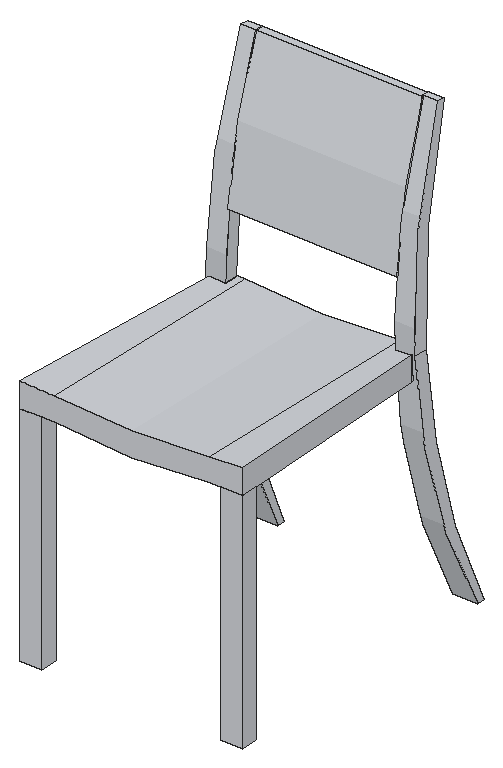
Revit family
Parameters (values of type "Modello Base")
  Manufacturer = "Revit"
  Materiale = none
Reference planes
  plane 1 "Center (Front/Back)": y = 0
  plane 2: z = 0
  plane 3 "Center (Left/Right)": x = 0
Forms (mm)
  Extrusion 1, solid, material <- "Materiale"
    sketch origin (179.646, 0, 0) x (0, 1, 0) y (0, 0, 1)
      loop
        line (0, 453.04) -> (0, 0) -> (34.744, 0) -> (34.744, 453.04) -> (0, 453.04)
    from 0 to 43
  Extrusion 2, solid, material <- "Materiale"
    sketch origin (-222.646, 0, 0) x (0, 1, 0) y (0, 0, 1)
      loop
        line (0, 453.04) -> (0, 0) -> (34.744, 0) -> (34.744, 453.04) -> (0, 453.04)
    from 0 to 43
  Extrusion 3, solid, material <- "Materiale"
    sketch origin (0, 0, 0) x (1, 0, 0) y (0, 0, 1)
      loop
        line (-222.646, 453.04) -> (-179.646, 453.04) -> (-153.363, 453.04)
        arc (-153.363, 453.04) -> (0, 443.013) -> (153.363, 453.04) r 1177.851
        line (153.363, 453.04) -> (179.646, 453.04) -> (222.646, 453.04) -> (222.646, 502.945) -> (155.483, 499.216)
        arc (155.483, 499.216) -> (0, 490.95) -> (-155.483, 499.216) r 1466.446
        line (-155.483, 499.216) -> (-222.646, 502.945) -> (-222.646, 453.04)
    from -476.488 to 0
  Extrusion 4, void
    sketch origin (0, 0, 0) x (1, 0, 0) y (0, 1, 0)
      loop
        line (-222.646, 0) -> (-202.123, 447.459) -> (-196.396, 572.328) -> (-276.396, 572.328) -> (-326.123, -72.73) -> (393.877, -72.73) -> (393.877, 627.27) -> (193.877, 627.27) -> (202.124, 447.459) -> (222.646, 0) -> (-222.646, 0)
    from 0 to 708.956
  Extrusion 5, solid, material <- "Materiale"
    sketch origin (0, 0, 0) x (0, 1, 0) y (0, 0, 1)
      loop
        arc (534.714, 957.66) -> (448.53, 474.734) -> (584.181, 3.307) r 1083.341
        line (584.181, 3.307) -> (598.919, 3.307)
        arc (598.919, 3.307) -> (475.099, 475.234) -> (547.983, 957.66) r 1208.455
        line (547.983, 957.66) -> (534.714, 957.66)
    from -284.915 to 269.7
  Extrusion 6, void
    sketch origin (0, 0, 0) x (1, 0, 0) y (0, 0, 1)
      loop
        line (-196.721, 922.805) -> (-167.062, 922.805) -> (-170.054, 500.025) -> (-175.332, 0) -> (175.332, 0) -> (170.054, 500.025) -> (167.062, 922.805) -> (196.721, 922.805) -> (209.621, 502.222) -> (230.468, -177.459) -> (370.468, -177.459) -> (370.468, 1042.541) -> (-370.468, 1042.541) -> (-370.468, -177.459) -> (-230.468, -177.459) -> (-209.621, 502.222) -> (-196.721, 922.805)
    from -988.47 to 43
  Extrusion 7, solid, material <- "Materiale"
    sketch origin (-167.062, -43, 922.805) x (-0.007077, 0, -0.999975) y (0, 1, 0)
      loop
        line (291.659, 494.682) -> (291.659, 519.851)
        arc (291.659, 519.851) -> (144.01, 540.282) -> (0, 578.734) r 1208.513
        line (0, 578.734) -> (0, 563.264)
        arc (0, 563.264) -> (143.447, 518.842) -> (291.659, 494.682) r 1083.392
    from 0 to 353.623
  Extrusion 8, void
    sketch origin (0, 0, 0) x (1, 0, 0) y (0, 0, 1)
      loop
        line (169.406, 591.608) -> (227.061, 591.608) -> (227.061, 922.805) -> (167.061, 922.805) -> (169.406, 591.608)
    from -663.734 to 43
Cuts and joins
  Extrusion 4, Extrusion 8 cuts Extrusion 1
  Extrusion 4, Extrusion 8 cuts Extrusion 2
  Extrusion 4, Extrusion 8 cuts Extrusion 3
  Extrusion 6 cuts Extrusion 5
  Extrusion 8 cuts Extrusion 7
Lines and regions (mm)
  symbolic lines
    curve 1: line (0, 0, 0) -> (0, 34.744, 0)
    curve 2: line (0, 0, 8.267) -> (0, 34.744, 8.267)
    curve 3: line (0, 34.744, 0) -> (0, 34.744, 453.04)
    curve 4: line (0, 0, 500.99) -> (0, 0, 0)
    curve 5: line (0, 0, 453.04) -> (0, 453.198, 453.04)
    curve 6: line (0, 449.002, 504.297) -> (0, 4.963, 504.297)
    curve 7: line (0, 560.867, 912.694) -> (0, 549.285, 879.625)
    curve 8: line (0, 549.285, 879.625) -> (0, 534.395, 828.369)
    curve 9: line (0, 534.395, 828.369) -> (0, 519.505, 772.152)
    curve 10: line (0, 519.505, 772.152) -> (0, 509.578, 720.896)
    curve 11: line (0, 509.578, 720.896) -> (0, 501.306, 661.373)
    curve 12: line (0, 501.306, 661.373) -> (0, 499.651, 633.264)
    curve 13: line (0, 461.598, 398.477) -> (0, 471.525, 325.726)
    curve 14: line (0, 471.525, 325.726) -> (0, 488.07, 264.549)
    curve 15: line (0, 488.07, 264.549) -> (0, 506.269, 195.105)
    curve 16: line (0, 506.269, 195.105) -> (0, 532.741, 122.354)
    curve 17: line (0, 532.741, 122.354) -> (0, 584.029, 3.307)
    curve 18: line (0, 584.029, 3.307) -> (0, 598.919, 3.307)
    curve 19: line (0, 598.919, 3.307) -> (0, 552.594, 124.008)
    curve 20: line (0, 552.594, 124.008) -> (0, 527.777, 196.759)
    curve 21: line (0, 527.777, 196.759) -> (0, 507.923, 264.549)
    curve 22: line (0, 507.923, 264.549) -> (0, 496.342, 324.073)
    curve 23: line (0, 496.342, 324.073) -> (0, 481.452, 398.477)
    curve 24: line (0, 481.452, 398.477) -> (0, 476.488, 469.575)
    curve 25: line (0, 476.488, 469.575) -> (0, 474.834, 514.217)
    curve 26: line (0, 474.834, 514.217) -> (0, 476.488, 570.434)
    curve 27: line (0, 476.488, 570.434) -> (0, 476.488, 648.145)
    curve 28: line (0, 476.488, 648.145) -> (0, 484.761, 717.589)
    curve 29: line (0, 484.761, 717.589) -> (0, 494.688, 777.113)
    curve 30: line (0, 494.688, 777.113) -> (0, 536.049, 924.268)
    curve 31: line (0, 536.049, 924.268) -> (0, 521.159, 924.268)
    curve 32: line (0, 521.159, 924.268) -> (0, 507.923, 886.239)
    curve 33: line (0, 507.923, 886.239) -> (0, 491.379, 830.023)
    curve 34: line (0, 491.379, 830.023) -> (0, 479.797, 780.42)
    curve 35: line (0, 479.797, 780.42) -> (0, 466.562, 722.55)
    curve 36: line (0, 466.562, 722.55) -> (0, 456.635, 651.452)
    curve 37: line (0, 456.635, 651.452) -> (0, 450.017, 570.434)
    curve 38: line (0, 450.017, 570.434) -> (0, 448.362, 514.217)
    curve 39: line (0, 448.362, 514.217) -> (0, 451.671, 462.961)
    curve 40: line (0, 451.671, 462.961) -> (0, 461.598, 398.477)
    curve 41: line (0, 493.033, 629.957) -> (0, 476.488, 629.957)
    curve 42: line (0, 535.119, 920.961) -> (0, 557.558, 920.961)
    curve 43: line (-202.064, 447.46, 0) -> (-222.592, 0, 0)
    curve 44: line (-222.592, 0, 0) -> (222.592, 0, 0)
    curve 45: line (222.592, 0, 0) -> (202.124, 446.181, 0)
    curve 46: line (202.124, 446.181, 0) -> (170.142, 447.46, 0)
    curve 47: arc (170.142, 447.46, 0) -> (0, 470.472, 0) -> (-170.142, 447.46, 0) r 640.489
    curve 48: line (-170.142, 447.46, 0) -> (-202.064, 447.46, 0)
    curve 49: line (173.269, 535.815, 0) -> (181.655, 594.482, 0)
    curve 50: line (181.655, 594.482, 0) -> (218.754, 594.482, 0)
    curve 51: arc (218.754, 594.482, 0) -> (217.155, 519.578, 0) -> (202.124, 446.181, 0) r 415.308
    curve 52: line (-173.269, 535.815, 0) -> (-181.655, 594.482, 0)
    curve 53: line (-181.655, 594.482, 0) -> (-218.754, 594.482, 0)
    curve 54: arc (-218.754, 594.482, 0) -> (-217.154, 519.577, 0) -> (-202.123, 446.178, 0) r 415.308
    curve 55: arc (-196.779, 532.454, 0) -> (-199.199, 496.193, 0) -> (-206.161, 460.523, 0) r 288.302
    curve 56: arc (-196.779, 532.454, 0) -> (0.721, 553.572, 0) -> (198.221, 532.454, 0) r 934.095
    curve 57: arc (198.221, 532.454, 0) -> (199.253, 496.165, 0) -> (206.161, 460.525, 0) r 222.897
    curve 58: arc (-197.036, 521.267, 0) -> (0.436, 539.509, 0) -> (197.908, 521.267, 0) r 1077.95
